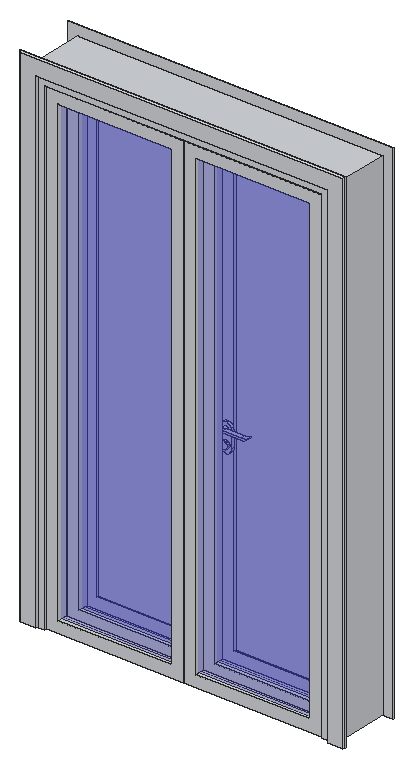
Revit family "Abertura da porta e vidraça com revestimento", category Portas, Revit 2019
Family settings
  Hospedeiro = Parede
  Número OmniClass = 23.30.10.00
  Título OmniClass = Doors
  Sempre na vertical = Sim
  Corte com vazios quando carregada = Não
  Compartilhado = Não
  Ponto de cálculo do ambiente = Não
Parameters (values of type "1300 x 2140mm")
  W1 = Espessura da moldura do painel + 6 mm  # 46 mm
  Visual Light Transmittance = 0
  Largura da apara = 70 mm
  Espessura da apara = 10 mm
  Material da apara = none
  Solar Heat Gain Coefficient = 0
  Rough Width = 1300 mm
  Rough Height = 2140 mm
  Material do painel = none
  Largura da moldura do painel = 50 mm
  Espessura da moldura do painel = 40 mm
  ID do tipo de construção = ""
  Coeficiente de transferência de calor (U) = 3.7021 W/(m²·K)
  Material do puxador = none
  Vidro = none
  Função = Exterior
  Height = Rough Height  # 2140 mm
  Fechamento da parede = Por hospedeiro
  Width = Rough Width  # 1300 mm
  Largura da estrutura = 50 mm
  Material da moldura = none
  Construção analítica = Metal
Types (5, lengths in mm): name | Rough Width | Material do painel | Width
  (no name) | 1300 | none | 1300
  1300 x 2140mm | 1300 | none | 1300
  1500 x 2140mm | 1500 | Veneziana | 1500
  1700 x 2140mm | 1700 | Veneziana | 1700
  1900 x 2140mm | 1900 | Veneziana | 1900
Reference planes
  plane 1: y = 0
  plane 2 "Centro (Esquerda/Direita)": x = 0
  plane 3 "Esquerda": x = -650
  plane 4 "Direita": x = 650
  plane 5: z = 2140
  plane 6 "Exterior": y = 125
  plane 7 "Interior": y = -125
  plane 8: z = 0
  plane 9: x = -600
  plane 10: x = 600
  plane 11: z = 2090
  plane 12: x = -580
  plane 13: x = 625
  plane 14: x = 695
  plane 15: x = -590
  plane 16: y = 79
  plane 17: y = -79
Forms (mm)
  Sweep 1, solid, material <- "Material da moldura", detail levels medium
    path origin (0, 0, 0) x (1, 0, 0) y (0, 0, 1)
      loop
        line (-650, 0) -> (-650, 2140) -> (650, 2140) -> (650, 0)
    profile origin (-650, 0, 1070) x (-1, 0, 0) y (0, -1, 0)
      loop
        line (0, -125) -> (0, 125) -> (-50, 125) -> (-50, -125) -> (0, -125)
  Sweep 2, solid, material <- "Material da moldura", detail levels fine
    path origin (0, 125, 0) x (1, 0, 0) y (0, 0, 1)
      loop
        line (-650, 0) -> (-650, 2140) -> (650, 2140) -> (650, 0)
    profile origin (-650, 125, 1070) x (-1, 0, 0) y (0, -1, 0)
      loop
        line (0, 250) -> (-60, 250) -> (-60, 204) -> (-70, 204) -> (-70, 46) -> (-60, 46) -> (-60, 0) -> (0, 0) -> (0, 250)
  Sweep 3, solid, material <- "Material da apara", detail levels fine
    path origin (0, -125, 0) x (1, 0, 0) y (0, 0, 1)
      loop
        line (650, 0) -> (650, 2140) -> (-650, 2140) -> (-650, 0)
    profile "Perfil da apara : Perfil da apara" origin (650, -125, 1070) x (-1, 0, 0) y (0, -1, 0)
      loop
        line (-43, 0) -> (27, 0) -> (27, 10) -> (-37, 10) -> (-43, 4) -> (-43, 0)
  Sweep 4, solid, material <- "Material da apara", detail levels fine
    path origin (0, 125, 0) x (1, 0, 0) y (0, 0, 1)
      loop
        line (650, 0) -> (650, 2140) -> (-650, 2140) -> (-650, 0)
    profile "Perfil da apara : Perfil da apara" origin (650, 125, 1070) x (-1, 0, 0) y (0, -1, 0)
      loop
        line (-43, 0) -> (-43, -4) -> (-37, -10) -> (27, -10) -> (27, 0) -> (-43, 0)
Lines and regions (mm)
  Opening 1
    outline origin (-3050, -125, 0) x (1, 0, 0) y (0, 0, 1)
      loop
        line (2400, 0) -> (3700, 0) -> (3700, 2140) -> (2400, 2140) -> (2400, 0)
Text (mm)
  text "Externo" at (-2295.016, 1099.543, 0), in view "Nível de referência"
  text "Externo" at (0, 1615.38, 3698.081), in view "Esquerda"
  text "Externo" at (0, 1036.032, 3874.932), in view "Direita"
Dimensions and locks
  equal spacing: plane 3 "Esquerda", plane 2 "Centro (Esquerda/Direita)", plane 4 "Direita"
  "Width": plane 3 "Esquerda" to plane 4 "Direita"
  "Height": plane 5 to host wall
  host wall to plane 5 = 2140 mm  (x2)
  locked: plane 6 "Exterior" to host wall at 0
  locked: plane 7 "Interior" to host wall
  "Largura da estrutura": plane 3 "Esquerda" to plane 9
  "Largura da estrutura": plane 10 to plane 4 "Direita"
  "Largura da estrutura": plane 11 to plane 5
  locked: plane 9 to plane 12 at 20
  locked: plane 13 to plane 4 "Direita" at 25
  "Largura da apara": plane 13 to plane 14
  locked: plane 15 to plane 12 at 10
  "W1": plane 7 "Interior" to plane 17
  "W1": plane 6 "Exterior" to plane 16
  aligned and locked: plane 3 "Esquerda" to Opening 1 sketch curve
  aligned and locked: plane 5 to Opening 1 sketch curve  (x2)
  aligned and locked: Opening 1 sketch curve to plane 4 "Direita"
  aligned and locked: Opening 1 sketch curve to level
  aligned and locked: plane 1 to host wall
  aligned and locked: level to plane 8
  aligned and locked: plane 2 "Centro (Esquerda/Direita)" to nested 1
  aligned and locked: nested 1 to plane 8
  aligned and locked: plane 7 "Interior" to nested 1
  aligned and locked: nested 2 to plane 2 "Centro (Esquerda/Direita)"
  aligned and locked: nested 2 to plane 7 "Interior"
  aligned and locked: nested 2 to plane 8
  aligned and locked: plane 2 "Centro (Esquerda/Direita)" to nested 3
  aligned and locked: plane 6 "Exterior" to nested 3
  aligned and locked: nested 3 to plane 8
  aligned and locked: plane 2 "Centro (Esquerda/Direita)" to nested 4
  aligned and locked: nested 4 to plane 6 "Exterior"
  aligned and locked: plane 8 to nested 4
  aligned and locked: Sweep 1 sketch curve to plane 3 "Esquerda"
  aligned and locked: plane 5 to Sweep 1 sketch curve
  aligned and locked: plane 4 "Direita" to Sweep 1 sketch curve
  aligned and locked: Sweep 1 sketch curve to nested 4
  aligned and locked: Sweep 1 sketch curve to host wall  (x2)
  aligned and locked: Sweep 1 sketch curve to plane 9
  aligned and locked: Sweep 2 sketch curve to plane 3 "Esquerda"
  aligned and locked: plane 5 to Sweep 2 sketch curve
  aligned and locked: plane 4 "Direita" to Sweep 2 sketch curve
  aligned and locked: plane 2 "Centro (Esquerda/Direita)" to nested 5
  aligned and locked: plane 1 to nested 5
  aligned and locked: nested 5 to plane 8
  aligned and locked: plane 2 "Centro (Esquerda/Direita)" to nested 6
  aligned and locked: nested 6 to plane 1
  aligned and locked: plane 8 to nested 6
  aligned and locked: plane 12 to Sweep 2 sketch curve
  aligned and locked: plane 15 to Sweep 2 sketch curve  (x2)
  aligned and locked: Sweep 2 sketch curve to plane 16
  aligned and locked: plane 17 to Sweep 2 sketch curve
  aligned and locked: Sweep 2 sketch curve to profile plane
  aligned and locked: plane 3 "Esquerda" to Sweep 2 sketch curve
  aligned and locked: plane 7 "Interior" to Sweep 2 sketch curve
  aligned and locked: plane 8 to Sweep 3 sketch curve  (x2)
  aligned and locked: plane 4 "Direita" to Sweep 3 sketch curve
  aligned and locked: Sweep 3 sketch curve to plane 3 "Esquerda"
  aligned and locked: plane 4 "Direita" to Sweep 4 sketch curve
  aligned and locked: Sweep 4 sketch curve to plane 3 "Esquerda"
  aligned and locked: plane 8 to Sweep 4 sketch curve  (x2)
  aligned and locked: plane 5 to Sweep 3 sketch curve
  aligned and locked: plane 5 to Sweep 4 sketch curve
Automatic sketch dimensions
  Sweep 1 sketch curve to level = 0 mm  (x2)
  Sweep 2 sketch curve to level = 0 mm  (x2)
Nested families
  nested 1: "Painel_Vidro int" at (0, -125, 0), type "Painel_Vidro int"
    with Width 1300 mm, Meia largura 650 mm
  nested 2: "Painel_Vidro int" at (0, -125, 0) x (-1, 0, 0) z (0, 0, 1), type "Painel_Vidro int"
    with Width 1300 mm, Meia largura 650 mm
  nested 3: "Veneziana_Painel" at (0, 125, 0), type "Veneziana_Painel"
  nested 4: "Veneziana_Painel" at (0, 125, 0) x (-1, 0, 0) z (0, 0, 1), type "Veneziana_Painel"
    with Visibilidade do puxador no
  nested 5: "Painel_Vidro meio" at (0, 0, 0), type "Painel_Vidro meio"
    with Width 1300 mm, Meia largura 650 mm
  nested 6: "Painel_Vidro meio" at (0, 0, 0) x (-1, 0, 0) z (0, 0, 1), type "Painel_Vidro meio"
    with Width 1300 mm, Meia largura 650 mm
Definition of nested family "Painel_Vidro int"
  Parameters
    Width = 1500 mm
    W1 = Largura da estrutura + 13 mm  # 63 mm
    Largura da moldura do painel = 50 mm
    Espessura da moldura do painel = 40 mm
    Height = 2140 mm
    Meia largura = 0.5 * Width  # 750 mm
    Vidro = none
    Largura da estrutura = 50 mm
    Material da moldura = none
  Reference planes
    plane 1 "Centro (Frente/Trás)": y = 0
    plane 2: z = 0
    plane 3 "Centro (Esquerda/Direita)": x = 0
    plane 4: x = 750
    plane 5: y = -40
    plane 6: x = 50
    plane 7: x = 700
    plane 8: x = 650
    plane 9: z = 2140
    plane 10: z = 2090
    plane 11: z = 2040
    plane 12: z = 50
    plane 13: y = -20
    plane 14: x = 700
    plane 15: z = 2090
    plane 16: x = 687
    plane 17: x = 637
    plane 18: y = -3
    plane 19: y = -43
    plane 20: y = -23
    plane 21: z = 2077
    plane 22: z = 2027
    plane 23: z = 3
    plane 24: z = 53
    plane 25: y = 750
    plane 26: y = 700
    plane 27: y = 50
    plane 28: x = 710
    plane 29: x = 730
    plane 30: x = 660
    plane 31: x = 680
    plane 32: y = 700
    plane 33: y = 650
    plane 34: x = 647
    plane 35: y = 687
    plane 36: y = 637
    plane 37: x = 667
    plane 38: x = 660
    plane 39: x = 674
    plane 40: z = 1070
    plane 41: z = 1045
    plane 42: z = 1040
    plane 43: x = 673
    plane 44: x = 687
    plane 45: x = 680
  Forms (mm)
    Sweep 1, solid, material <- "Material da moldura", detail levels medium
      path origin (0, 0, 0) x (1, 0, 0) y (0, 0, 1)
        loop
          line (0, 2090) -> (0, 0) -> (700, 0) -> (700, 2090) -> (0, 2090)
      profile origin (350, 0, 2090) x (0, 0, 1) y (0, -1, 0)
        loop
          line (0, 0) -> (0, 40) -> (-50, 40) -> (-50, 0) -> (0, 0)
    Extrusion 2, solid, material <- "Vidro", detail levels medium
      sketch origin (-56.656, -20, 1200) x (-1, 0, 0) y (0, 0, 1)
        loop
          line (-106.656, 840) -> (-706.656, 840) -> (-706.656, -1150) -> (-106.656, -1150) -> (-106.656, 840)
      from -7 to 7
    Sweep 3, solid, material <- "Material da moldura", detail levels coarse
      path origin (0, 0, 0) x (1, 0, 0) y (0, 0, 1)
        loop
          line (0, 2140) -> (0, 0) -> (750, 0) -> (750, 2140) -> (0, 2140)
      profile origin (375, 0, 2140) x (0, 0, 1) y (0, -1, 0)
        loop
          line (0, 40) -> (-50, 40) -> (-50, 0) -> (0, 0) -> (0, 40)
    Extrusion 4, solid, material <- "Vidro", detail levels coarse
      sketch origin (-56.656, -20, 1200) x (-1, 0, 0) y (0, 0, 1)
        loop
          line (-106.656, 890) -> (-756.656, 890) -> (-756.656, -1150) -> (-106.656, -1150) -> (-106.656, 890)
      from -7 to 7
    Sweep 5, solid, material <- "Material da moldura", detail levels fine
      path origin (0, 0, 0) x (1, 0, 0) y (0, 0, 1)
        loop
          line (0, 2077) -> (0, 3) -> (687, 3) -> (687, 2077) -> (0, 2077)
      profile origin (343.5, 0, 2077) x (0, 0, 1) y (0, -1, 0)
        loop
          line (0, 43) -> (-50, 43) -> (-50, 3) -> (0, 3) -> (0, 43)
    Extrusion 6, solid, material <- "Vidro", detail levels fine
      sketch origin (-56.656, -23, 1200) x (-1, 0, 0) y (0, 0, 1)
        loop
          line (-106.656, 827) -> (-693.656, 827) -> (-693.656, -1147) -> (-106.656, -1147) -> (-106.656, 827)
      from -7 to 7
  Lines and regions (mm)
    Masking region 1, detail levels coarse
      outline origin (0, 0, 0) x (1, 0, 0) y (0, 1, 0)
        loop
          line (710, 750) -> (710, 0) -> (750, 0) -> (750, 750) -> (710, 750)
    Masking region 2, detail levels medium
      outline origin (0, 0, 0) x (1, 0, 0) y (0, 1, 0)
        loop
          line (700, 700) -> (660, 700) -> (660, 0) -> (700, 0) -> (700, 700)
    Masking region 3, detail levels fine
      outline origin (0, 0, 0) x (1, 0, 0) y (0, 1, 0)
        loop
          line (647, 687) -> (647, 0) -> (687, 0) -> (687, 687) -> (647, 687)
    symbolic lines, detail levels coarse
      curve 1: line (710, 750, 0) -> (750, 750, 0)
      curve 2: line (710, 700, 0) -> (710, 750, 0)
      curve 3: line (750, 700, 0) -> (710, 700, 0)
      curve 4: line (750, 750, 0) -> (750, 700, 0)
      curve 5: line (710, 50, 0) -> (750, 50, 0)
      curve 6: line (710, 0, 0) -> (710, 50, 0)
      curve 7: line (750, 0, 0) -> (710, 0, 0)
      curve 8: line (750, 50, 0) -> (750, 0, 0)
      curve 9: line (710, 700, 0) -> (710, 50, 0)
      curve 10: line (750, 50, 0) -> (750, 700, 0)
      curve 11: arc (750, 750, 0) -> (219.67, 530.33, 0) -> (0, 0, 0) r 750
      curve 12: line (0, -20, 2090) -> (0, -20, 50)
      curve 37: line (750, 0, 2140) -> (0, 0, 1070)
      curve 38: line (0, 0, 1070) -> (750, 0, 0)
    symbolic lines, detail levels medium
      curve 13: line (660, 50, 0) -> (700, 50, 0)
      curve 14: line (660, 0, 0) -> (660, 50, 0)
      curve 15: line (700, 0, 0) -> (660, 0, 0)
      curve 16: line (700, 50, 0) -> (700, 0, 0)
      curve 17: line (660, 700, 0) -> (700, 700, 0)
      curve 18: line (660, 650, 0) -> (660, 700, 0)
      curve 19: line (700, 650, 0) -> (660, 650, 0)
      curve 20: line (700, 700, 0) -> (700, 650, 0)
      curve 21: line (660, 650, 0) -> (660, 50, 0)
      curve 22: line (700, 50, 0) -> (700, 650, 0)
      curve 23: arc (0, 0, 0) -> (205.025, 494.975, 0) -> (700, 700, 0) r 700
      curve 39: line (700, 0, 2090) -> (0, 0, 1045)
      curve 40: line (0, 0, 1045) -> (700, 0, 0)
      curve 43: line (680, 650, 0) -> (680, 50, 0)
    symbolic lines, detail levels fine
      curve 24: line (647, 687, 0) -> (687, 687, 0)
      curve 25: line (647, 637, 0) -> (647, 687, 0)
      curve 26: line (687, 637, 0) -> (647, 637, 0)
      curve 27: line (687, 687, 0) -> (687, 637, 0)
      curve 28: line (647, 50, 0) -> (687, 50, 0)
      curve 29: line (647, 0, 0) -> (647, 50, 0)
      curve 30: line (687, 0, 0) -> (647, 0, 0)
      curve 31: line (687, 50, 0) -> (687, 0, 0)
      curve 32: line (647, 637, 0) -> (647, 50, 0)
      curve 33: line (687, 50, 0) -> (687, 637, 0)
      curve 34: arc (687, 687, 0) -> (201.218, 485.782, 0) -> (0, 0, 0) r 687
      curve 35: line (660, 637, 0) -> (660, 50, 0)
      curve 36: line (674, 50, 0) -> (674, 637, 0)
      curve 41: line (687, 0, 2077) -> (0, 0, 1040)
      curve 42: line (0, 0, 1040) -> (687, 0, 3)
  Dimensions and locks
    "Meia largura": plane 3 "Centro (Esquerda/Direita)" to plane 4
    "Largura da moldura do painel": plane 3 "Centro (Esquerda/Direita)" to plane 6
    "Espessura da moldura do painel": plane 5 to plane 1 "Centro (Frente/Trás)"
    "Largura da estrutura": plane 7 to plane 4
    "Largura da moldura do painel": plane 8 to plane 7
    "Height": plane 9 to plane 2
    "Largura da estrutura": plane 9 to plane 10
    "Largura da moldura do painel": plane 10 to plane 11
    "Largura da moldura do painel": plane 12 to plane 2
    equal spacing: plane 5, plane 13, plane 1 "Centro (Frente/Trás)"
    "Largura da moldura do painel": plane 14 to plane 4
    "Largura da moldura do painel": plane 9 to plane 15
    "W1": plane 16 to plane 4
    "Largura da moldura do painel": plane 17 to plane 16
    plane 18 to plane 1 "Centro (Frente/Trás)" = 3 mm
    "Espessura da moldura do painel": plane 18 to plane 19
    equal spacing: plane 18, plane 20, plane 19
    "W1": plane 9 to plane 21
    "Largura da moldura do painel": plane 21 to plane 22
    locked: plane 23 to plane 2 at 3
    "Largura da moldura do painel": plane 24 to plane 23
    "Meia largura": plane 25 to plane 1 "Centro (Frente/Trás)"
    "Largura da moldura do painel": plane 25 to plane 26
    "Largura da moldura do painel": plane 27 to plane 1 "Centro (Frente/Trás)"
    "Espessura da moldura do painel": plane 28 to plane 4
    equal spacing: plane 28, plane 29, plane 4
    "Espessura da moldura do painel": plane 30 to plane 7
    equal spacing: plane 30, plane 31, plane 7
    "Largura da estrutura": plane 25 to plane 32
    "Largura da moldura do painel": plane 32 to plane 33
    "Espessura da moldura do painel": plane 34 to plane 16
    "W1": plane 25 to plane 35
    "Largura da moldura do painel": plane 35 to plane 36
    equal spacing: plane 34, plane 37, plane 16
    locked: plane 38 to plane 37 at 7
    locked: plane 37 to plane 39 at 7
    equal spacing: plane 2, plane 40, plane 9
    equal spacing: plane 2, plane 41, plane 10
    equal spacing: plane 23, plane 42, plane 21
    locked: plane 43 to plane 31 at 7
    locked: plane 31 to plane 44 at 7
    equal spacing: plane 38, plane 45, plane 7
    aligned and locked: level to plane 2
    aligned and locked: Sweep 1 sketch curve to plane 10
    aligned and locked: plane 3 "Centro (Esquerda/Direita)" to Sweep 1 sketch curve
    aligned and locked: plane 2 to Sweep 1 sketch curve
    aligned and locked: Sweep 1 sketch curve to plane 7
    aligned and locked: Sweep 1 sketch curve to profile plane  (x2)
    aligned and locked: Sweep 1 sketch curve to plane 11
    aligned and locked: Sweep 1 sketch curve to plane 5
    aligned and locked: Extrusion 2 sketch curve to Sweep 1  (x4)
    aligned and locked: Sweep 3 sketch curve to plane 9
    aligned and locked: plane 3 "Centro (Esquerda/Direita)" to Sweep 3 sketch curve
    aligned and locked: plane 2 to Sweep 3 sketch curve
    aligned and locked: Sweep 3 sketch curve to plane 4
    aligned and locked: profile plane to Sweep 3 sketch curve  (x2)
    aligned and locked: plane 5 to Sweep 3 sketch curve
    aligned and locked: plane 15 to Sweep 3 sketch curve
    aligned and locked: Extrusion 4 sketch curve to Sweep 3  (x3)
    aligned and locked: Sweep 5 sketch curve to plane 21
    aligned and locked: plane 3 "Centro (Esquerda/Direita)" to Sweep 5 sketch curve
    aligned and locked: plane 23 to Sweep 5 sketch curve
    aligned and locked: Sweep 5 sketch curve to plane 16
    aligned and locked: profile plane to Sweep 5 sketch curve
    aligned and locked: plane 19 to Sweep 5 sketch curve
    aligned and locked: plane 22 to Sweep 5 sketch curve
    aligned and locked: Sweep 5 sketch curve to plane 18
    aligned and locked: Extrusion 6 sketch curve to Sweep 5  (x4)
    aligned and locked: Masking region 1 sketch curve to plane 25
    aligned and locked: Masking region 1 sketch curve to plane 28
    aligned and locked: Masking region 1 sketch curve to Sweep 3  (x2)
    aligned and locked: curve 1 to plane 25
    aligned and locked: curve 2 to plane 28
    aligned and locked: plane 26 to curve 3
    aligned and locked: curve 4 to plane 4
    aligned and locked: curve 5 to plane 27
    aligned and locked: curve 6 to plane 28
    aligned and locked: curve 7 to Sweep 3
    aligned and locked: plane 4 to curve 10
    aligned and locked: plane 1 "Centro (Frente/Trás)" to curve 11
    aligned and locked: plane 4 to curve 11
    aligned and locked: curve 12 to plane 13
    aligned and locked: plane 7 to Masking region 2 sketch curve
    aligned and locked: plane 1 "Centro (Frente/Trás)" to Masking region 2 sketch curve
    aligned and locked: Masking region 2 sketch curve to plane 30
    aligned and locked: curve 13 to plane 27
    aligned and locked: plane 30 to curve 14
    aligned and locked: curve 15 to Sweep 1
    aligned and locked: plane 32 to Masking region 2 sketch curve
    aligned and locked: curve 17 to plane 32
    aligned and locked: plane 30 to curve 18
    aligned and locked: plane 33 to curve 19
    aligned and locked: curve 20 to plane 7
    aligned and locked: plane 7 to curve 22
    aligned and locked: plane 7 to curve 23
    aligned and locked: Masking region 3 sketch curve to plane 35
    aligned and locked: plane 34 to Masking region 3 sketch curve
    aligned and locked: Masking region 3 sketch curve to plane 1 "Centro (Frente/Trás)"
    aligned and locked: Masking region 3 sketch curve to plane 16
    aligned and locked: curve 24 to plane 35
    aligned and locked: plane 34 to curve 25
    aligned and locked: plane 36 to curve 26
    aligned and locked: curve 27 to plane 16
    aligned and locked: curve 28 to plane 27
    aligned and locked: plane 34 to curve 29
    aligned and locked: curve 30 to plane 1 "Centro (Frente/Trás)"
    aligned and locked: plane 16 to curve 33
    aligned and locked: plane 1 "Centro (Frente/Trás)" to curve 34
    aligned and locked: plane 16 to curve 34
    aligned and locked: curve 35 to plane 38
    aligned and locked: curve 36 to plane 39
    aligned and locked: plane 2 to curve 38
    aligned and locked: plane 4 to curve 38
    aligned and locked: plane 40 to curve 38
    aligned and locked: plane 3 "Centro (Esquerda/Direita)" to curve 38
    aligned and locked: plane 9 to curve 37
    aligned and locked: plane 4 to curve 37
    aligned and locked: plane 2 to curve 40
    aligned and locked: plane 7 to curve 40
    aligned and locked: plane 41 to curve 40
    aligned and locked: plane 3 "Centro (Esquerda/Direita)" to curve 40
    aligned and locked: plane 10 to curve 39
    aligned and locked: plane 7 to curve 39
    aligned and locked: plane 23 to curve 42
    aligned and locked: plane 16 to curve 42
    aligned and locked: plane 42 to curve 42
    aligned and locked: plane 3 "Centro (Esquerda/Direita)" to curve 42
    aligned and locked: plane 21 to curve 41
    aligned and locked: plane 16 to curve 41
    aligned and locked: curve 43 to plane 31
  Automatic sketch dimensions
    Extrusion 4 sketch curve to plane 12 = 0 mm
    curve 12 to plane 10 = 0 mm
    curve 12 to plane 12 = 0 mm
Definition of nested family "Veneziana_Painel"
  Parameters
    Width = 1300 mm
    W1 = Largura da estrutura + 13 mm  # 63 mm
    Largura da moldura do painel = 50 mm
    Espessura da moldura do painel = 40 mm
    Height = 2140 mm
    Visibilidade do puxador [instance] = yes
    Material do puxador = none
    Meia largura = 0.5 * Width  # 650 mm
    Material do painel = none
    Largura da estrutura = 50 mm
    Material da moldura = none
  Reference planes
    plane 1 "Centro (Frente/Trás)": y = 0
    plane 2: z = 0
    plane 3 "Centro (Esquerda/Direita)": x = 0
    plane 4: x = 650
    plane 5: y = -40
    plane 6: x = 50
    plane 7: x = 600
    plane 8: x = 550
    plane 9: z = 2140
    plane 10: z = 2090
    plane 11: z = 2040
    plane 12: z = 50
    plane 13: x = 600
    plane 14: z = 2090
    plane 15: x = 587
    plane 16: x = 537
    plane 17: y = -3
    plane 18: y = -43
    plane 19: z = 2077
    plane 20: z = 2027
    plane 21: z = 3
    plane 22: z = 53
    plane 23: y = 650
    plane 24: y = 600
    plane 25: y = 50
    plane 26: x = 610
    plane 27: x = 560
    plane 28: y = 600
    plane 29: y = 550
    plane 30: x = 547
    plane 31: y = 587
    plane 32: y = 537
    plane 33: x = 567
    plane 34: x = 555
    plane 35: x = 579
    plane 36: y = -8
    plane 37: y = -32
    plane 38: y = -11
    plane 39: y = -35
    plane 40: x = 618
    plane 41: x = 642
    plane 42: x = 568
    plane 43: x = 592
    plane 44: z = 1070
    plane 45: z = 1045
    plane 46: z = 1040
    plane 47: x = 25
    plane 48: y = -23
    plane 49: z = 900
  Forms (mm)
    Sweep 1, solid, material <- "Material da moldura", detail levels medium
      path origin (0, 0, 0) x (1, 0, 0) y (0, 0, 1)
        loop
          line (0, 2090) -> (0, 0) -> (600, 0) -> (600, 2090) -> (0, 2090)
      profile origin (300, 0, 2090) x (0, 0, 1) y (0, -1, 0)
        loop
          line (0, 0) -> (0, 40) -> (-50, 40) -> (-50, 0) -> (0, 0)
    Extrusion 2, solid, material <- "Material do painel", detail levels medium
      sketch origin (-56.656, -20, 1200) x (-1, 0, 0) y (0, 0, 1)
        loop
          line (-106.656, 840) -> (-606.656, 840) -> (-606.656, -1150) -> (-106.656, -1150) -> (-106.656, 840)
      from -12 to 12
    Sweep 3, solid, material <- "Material da moldura", detail levels coarse
      path origin (0, 0, 0) x (1, 0, 0) y (0, 0, 1)
        loop
          line (0, 2140) -> (0, 0) -> (650, 0) -> (650, 2140) -> (0, 2140)
      profile origin (325, 0, 2140) x (0, 0, 1) y (0, -1, 0)
        loop
          line (0, 40) -> (-50, 40) -> (-50, 0) -> (0, 0) -> (0, 40)
    Extrusion 4, solid, material <- "Material do painel", detail levels coarse
      sketch origin (-56.656, -20, 1200) x (-1, 0, 0) y (0, 0, 1)
        loop
          line (-106.656, 890) -> (-656.656, 890) -> (-656.656, -1150) -> (-106.656, -1150) -> (-106.656, 890)
      from -12 to 12
    Sweep 5, solid, material <- "Material da moldura", detail levels fine
      path origin (0, 0, 0) x (1, 0, 0) y (0, 0, 1)
        loop
          line (0, 2077) -> (0, 3) -> (587, 3) -> (587, 2077) -> (0, 2077)
      profile origin (293.5, 0, 2077) x (0, 0, 1) y (0, -1, 0)
        loop
          line (0, 43) -> (-50, 43) -> (-50, 3) -> (0, 3) -> (0, 43)
    Extrusion 6, solid, material <- "Material do painel", detail levels fine
      sketch origin (-56.656, -23, 1200) x (-1, 0, 0) y (0, 0, 1)
        loop
          line (-106.656, 827) -> (-593.656, 827) -> (-593.656, -1147) -> (-106.656, -1147) -> (-106.656, 827)
      from -12 to 12
  Lines and regions (mm)
    Masking region 1, detail levels coarse
      outline origin (0, 0, 0) x (1, 0, 0) y (0, 1, 0)
        loop
          line (610, 650) -> (610, 0) -> (650, 0) -> (650, 650) -> (610, 650)
    Masking region 2, detail levels medium
      outline origin (0, 0, 0) x (1, 0, 0) y (0, 1, 0)
        loop
          line (600, 600) -> (560, 600) -> (560, 0) -> (600, 0) -> (600, 600)
    Masking region 3, detail levels fine
      outline origin (0, 0, 0) x (1, 0, 0) y (0, 1, 0)
        loop
          line (547, 587) -> (547, 0) -> (587, 0) -> (587, 587) -> (547, 587)
    symbolic lines, detail levels coarse
      curve 1: line (610, 650, 0) -> (650, 650, 0)
      curve 2: line (610, 600, 0) -> (610, 650, 0)
      curve 3: line (650, 600, 0) -> (610, 600, 0)
      curve 4: line (650, 650, 0) -> (650, 600, 0)
      curve 5: line (610, 50, 0) -> (650, 50, 0)
      curve 6: line (610, 0, 0) -> (610, 50, 0)
      curve 7: line (650, 0, 0) -> (610, 0, 0)
      curve 8: line (650, 50, 0) -> (650, 0, 0)
      curve 9: line (610, 600, 0) -> (610, 50, 0)
      curve 10: line (650, 50, 0) -> (650, 600, 0)
      curve 11: arc (650, 650, 0) -> (190.381, 459.619, 0) -> (0, 0, 0) r 650
      curve 38: line (650, 0, 2140) -> (0, 0, 1070)
      curve 39: line (0, 0, 1070) -> (650, 0, 0)
    symbolic lines, detail levels medium
      curve 12: line (560, 50, 0) -> (600, 50, 0)
      curve 13: line (560, 0, 0) -> (560, 50, 0)
      curve 14: line (600, 0, 0) -> (560, 0, 0)
      curve 15: line (600, 50, 0) -> (600, 0, 0)
      curve 16: line (560, 600, 0) -> (600, 600, 0)
      curve 17: line (560, 550, 0) -> (560, 600, 0)
      curve 18: line (600, 550, 0) -> (560, 550, 0)
      curve 19: line (600, 600, 0) -> (600, 550, 0)
      curve 20: line (560, 550, 0) -> (560, 50, 0)
      curve 21: line (600, 50, 0) -> (600, 550, 0)
      curve 22: arc (0, 0, 0) -> (175.736, 424.264, 0) -> (600, 600, 0) r 600
      curve 36: line (568, 550, 0) -> (568, 50, 0)
      curve 37: line (592, 550, 0) -> (592, 50, 0)
      curve 40: line (600, 0, 2090) -> (0, 0, 1045)
      curve 41: line (0, 0, 1045) -> (600, 0, 0)
    symbolic lines, detail levels fine
      curve 23: line (547, 587, 0) -> (587, 587, 0)
      curve 24: line (547, 537, 0) -> (547, 587, 0)
      curve 25: line (587, 537, 0) -> (547, 537, 0)
      curve 26: line (587, 587, 0) -> (587, 537, 0)
      curve 27: line (547, 50, 0) -> (587, 50, 0)
      curve 28: line (547, 0, 0) -> (547, 50, 0)
      curve 29: line (587, 0, 0) -> (547, 0, 0)
      curve 30: line (587, 50, 0) -> (587, 0, 0)
      curve 31: line (547, 537, 0) -> (547, 50, 0)
      curve 32: line (587, 50, 0) -> (587, 537, 0)
      curve 33: arc (587, 587, 0) -> (171.928, 415.072, 0) -> (0, 0, 0) r 587
      curve 34: line (555, 537, 0) -> (555, 50, 0)
      curve 35: line (579, 50, 0) -> (579, 537, 0)
      curve 42: line (587, 0, 2077) -> (0, 0, 1040)
      curve 43: line (0, 0, 1040) -> (587, 0, 3)
  Dimensions and locks
    "Meia largura": plane 3 "Centro (Esquerda/Direita)" to plane 4
    "Largura da moldura do painel": plane 3 "Centro (Esquerda/Direita)" to plane 6
    "Espessura da moldura do painel": plane 5 to plane 1 "Centro (Frente/Trás)"
    "Largura da estrutura": plane 7 to plane 4
    "Largura da moldura do painel": plane 8 to plane 7
    "Height": plane 9 to plane 2
    "Largura da estrutura": plane 9 to plane 10
    "Largura da moldura do painel": plane 10 to plane 11
    "Largura da moldura do painel": plane 12 to plane 2
    "Largura da moldura do painel": plane 13 to plane 4
    "Largura da moldura do painel": plane 9 to plane 14
    "W1": plane 15 to plane 4
    "Largura da moldura do painel": plane 16 to plane 15
    plane 17 to plane 1 "Centro (Frente/Trás)" = 3 mm
    "Espessura da moldura do painel": plane 17 to plane 18
    "W1": plane 9 to plane 19
    "Largura da moldura do painel": plane 19 to plane 20
    locked: plane 21 to plane 2 at 3
    "Largura da moldura do painel": plane 22 to plane 21
    "Meia largura": plane 23 to plane 1 "Centro (Frente/Trás)"
    "Largura da moldura do painel": plane 23 to plane 24
    "Largura da moldura do painel": plane 25 to plane 1 "Centro (Frente/Trás)"
    "Espessura da moldura do painel": plane 26 to plane 4
    "Espessura da moldura do painel": plane 27 to plane 7
    "Largura da estrutura": plane 23 to plane 28
    "Largura da moldura do painel": plane 28 to plane 29
    "Espessura da moldura do painel": plane 30 to plane 15
    "W1": plane 23 to plane 31
    "Largura da moldura do painel": plane 31 to plane 32
    equal spacing: plane 30, plane 33, plane 15
    locked: plane 37 to plane 5 at 8
    locked: plane 36 to plane 1 "Centro (Frente/Trás)" at 8
    locked: plane 17 to plane 38 at 8
    locked: plane 39 to plane 18 at 8
    locked: plane 26 to plane 40 at 8
    locked: plane 41 to plane 4 at 8
    locked: plane 30 to plane 34 at 8
    locked: plane 35 to plane 15 at 8
    locked: plane 27 to plane 42 at 8
    locked: plane 43 to plane 7 at 8
    equal spacing: plane 2, plane 44, plane 9
    equal spacing: plane 2, plane 45, plane 10
    equal spacing: plane 21, plane 46, plane 19
    equal spacing: plane 3 "Centro (Esquerda/Direita)", plane 47, plane 6
    equal spacing: plane 17, plane 48, plane 18
    locked: plane 49 to plane 2 at 900
    aligned and locked: level to plane 2
    aligned and locked: Sweep 1 sketch curve to plane 10
    aligned and locked: plane 3 "Centro (Esquerda/Direita)" to Sweep 1 sketch curve
    aligned and locked: plane 2 to Sweep 1 sketch curve
    aligned and locked: Sweep 1 sketch curve to plane 7
    aligned and locked: Sweep 1 sketch curve to profile plane  (x2)
    aligned and locked: Sweep 1 sketch curve to plane 11
    aligned and locked: Sweep 1 sketch curve to plane 5
    aligned and locked: Extrusion 2 sketch curve to Sweep 1  (x4)
    aligned and locked: Sweep 3 sketch curve to plane 9
    aligned and locked: plane 3 "Centro (Esquerda/Direita)" to Sweep 3 sketch curve
    aligned and locked: plane 2 to Sweep 3 sketch curve
    aligned and locked: Sweep 3 sketch curve to plane 4
    aligned and locked: profile plane to Sweep 3 sketch curve  (x2)
    aligned and locked: plane 5 to Sweep 3 sketch curve
    aligned and locked: plane 14 to Sweep 3 sketch curve
    aligned and locked: Extrusion 4 sketch curve to Sweep 3  (x3)
    aligned and locked: Sweep 5 sketch curve to plane 19
    aligned and locked: plane 3 "Centro (Esquerda/Direita)" to Sweep 5 sketch curve
    aligned and locked: plane 21 to Sweep 5 sketch curve
    aligned and locked: Sweep 5 sketch curve to plane 15
    aligned and locked: profile plane to Sweep 5 sketch curve
    aligned and locked: plane 18 to Sweep 5 sketch curve
    aligned and locked: plane 20 to Sweep 5 sketch curve
    aligned and locked: Sweep 5 sketch curve to plane 17
    aligned and locked: Extrusion 6 sketch curve to Sweep 5  (x4)
    aligned and locked: Masking region 1 sketch curve to plane 23
    aligned and locked: Masking region 1 sketch curve to plane 26
    aligned and locked: Masking region 1 sketch curve to Sweep 3  (x2)
    aligned and locked: curve 1 to plane 23
    aligned and locked: curve 2 to plane 26
    aligned and locked: plane 24 to curve 3
    aligned and locked: curve 4 to plane 4
    aligned and locked: curve 5 to plane 25
    aligned and locked: curve 6 to plane 26
    aligned and locked: curve 7 to Sweep 3
    aligned and locked: plane 4 to curve 10
    aligned and locked: plane 1 "Centro (Frente/Trás)" to curve 11
    aligned and locked: plane 4 to curve 11
    aligned and locked: plane 7 to Masking region 2 sketch curve
    aligned and locked: plane 1 "Centro (Frente/Trás)" to Masking region 2 sketch curve
    aligned and locked: Masking region 2 sketch curve to plane 27
    aligned and locked: curve 12 to plane 25
    aligned and locked: plane 27 to curve 13
    aligned and locked: curve 14 to Sweep 1
    aligned and locked: plane 28 to Masking region 2 sketch curve
    aligned and locked: curve 16 to plane 28
    aligned and locked: plane 27 to curve 17
    aligned and locked: plane 29 to curve 18
    aligned and locked: curve 19 to plane 7
    aligned and locked: plane 7 to curve 21
    aligned and locked: plane 7 to curve 22
    aligned and locked: Masking region 3 sketch curve to plane 31
    aligned and locked: plane 30 to Masking region 3 sketch curve
    aligned and locked: Masking region 3 sketch curve to plane 1 "Centro (Frente/Trás)"
    aligned and locked: Masking region 3 sketch curve to plane 15
    aligned and locked: curve 23 to plane 31
    aligned and locked: plane 30 to curve 24
    aligned and locked: plane 32 to curve 25
    aligned and locked: curve 26 to plane 15
    aligned and locked: curve 27 to plane 25
    aligned and locked: plane 30 to curve 28
    aligned and locked: curve 29 to plane 1 "Centro (Frente/Trás)"
    aligned and locked: plane 15 to curve 32
    aligned and locked: plane 1 "Centro (Frente/Trás)" to curve 33
    aligned and locked: plane 15 to curve 33
    aligned and locked: curve 34 to plane 34
    aligned and locked: curve 35 to plane 35
    aligned and locked: Extrusion 4 to plane 36
    aligned and locked: Extrusion 4 to plane 37
    aligned and locked: Extrusion 2 to plane 36
    aligned and locked: Extrusion 2 to plane 37
    aligned and locked: Extrusion 6 to plane 39
    aligned and locked: plane 38 to Extrusion 6
    aligned and locked: curve 36 to plane 42
    aligned and locked: plane 43 to curve 37
    aligned and locked: plane 2 to curve 39
    aligned and locked: plane 4 to curve 39
    aligned and locked: plane 44 to curve 39
    aligned and locked: plane 3 "Centro (Esquerda/Direita)" to curve 39
    aligned and locked: plane 9 to curve 38
    aligned and locked: plane 4 to curve 38
    aligned and locked: plane 2 to curve 41
    aligned and locked: plane 7 to curve 41
    aligned and locked: plane 45 to curve 41
    aligned and locked: plane 3 "Centro (Esquerda/Direita)" to curve 41
    aligned and locked: plane 10 to curve 40
    aligned and locked: plane 7 to curve 40
    aligned and locked: plane 21 to curve 43
    aligned and locked: plane 15 to curve 43
    aligned and locked: plane 46 to curve 43
    aligned and locked: plane 3 "Centro (Esquerda/Direita)" to curve 43
    aligned and locked: plane 19 to curve 42
    aligned and locked: plane 15 to curve 42
    aligned and locked: plane 47 to nested 1
    aligned and locked: nested 1 to plane 48
    aligned and locked: plane 49 to nested 1
  Automatic sketch dimensions
    Extrusion 4 sketch curve to plane 12 = 0 mm
  Nested families
    nested 1: "Maçaneta da porta 2" at (25, -23, 900), visible <- "Visibilidade do puxador", type "Maçaneta da porta 2", detail levels fine
      with Espessura do painel 40 mm
  Definition of nested family "Maçaneta da porta 2"
    Parameters
      Espessura do painel = 50 mm
      Material do puxador = none
      Function = (empty or 0)
    Reference planes
      plane 1 "Centro (Frente/Trás)": y = 0
      plane 2: z = 0
      plane 3 "Centro (Esquerda/Direita)": x = 0
      plane 4: y = 25
      plane 5: y = -25
      plane 6: z = -147.114
      plane 7: y = 65
      plane 8: z = -60
      plane 9: y = -65
      plane 10: z = -60
    Forms (mm)
      Extrusion 1, solid, material <- "Material do puxador"
        sketch origin (0, -25, 0) x (-1, 0, 0) y (0, 0, -1)
          loop
            line (25, 0) -> (25, 70)
            arc (25, 70) -> (0, 95) -> (-25, 70) r 25
            line (-25, 70) -> (-25, 0)
            arc (-25, 0) -> (0, -25) -> (25, 0) r 25
        from 0 to 10
      Extrusion 2, solid, material <- "Material do puxador"
        sketch origin (0, 25, 0) x (-1, 0, 0) y (0, 0, -1)
          loop
            line (25, 0) -> (25, 70)
            arc (25, 70) -> (0, 95) -> (-25, 70) r 25
            line (-25, 70) -> (-25, 0)
            arc (-25, 0) -> (0, -25) -> (25, 0) r 25
        from 0 to -10
      Extrusion 3, solid, material <- "Material do puxador"
        sketch origin (0, -25, 0) x (-1, 0, 0) y (0, 0, -1)
          loop
            circle (0, 0) r 8
        from 10 to 40
      Extrusion 4, solid, material <- "Material do puxador"
        sketch origin (0, 20, 0) x (-1, 0, 0) y (0, 0, 1)
          loop
            circle (0, 0) r 8
        from 15 to 45
      Extrusion 5, solid, material <- "Material do puxador"
        sketch origin (0, -65, 0) x (1, 0, 0) y (0, 0, 1)
          loop
            arc (-6.508, 4.652) -> (-2.443, -7.618) -> (8, 0) r 8
            arc (8, 0) -> (14.532, 9.391) -> (25.386, 13) r 18.126
            line (25.386, 13) -> (101.644, 13)
            arc (101.644, 13) -> (116.41, 15.798) -> (130, 22.214) r 59.379
            line (130, 22.214) -> (130, 25)
            arc (130, 25) -> (116.04, 21.265) -> (101.644, 20) r 83.285
            line (101.644, 20) -> (25.367, 20)
            arc (25.367, 20) -> (7.493, 16.348) -> (-6.508, 4.652) r 37.283
        from 0 to 20
      Extrusion 6, solid, material <- "Material do puxador"
        sketch origin (0, 65, 0) x (1, 0, 0) y (0, 0, -1)
          loop
            arc (8, 0) -> (-2.443, 7.618) -> (-6.508, -4.652) r 8
            arc (-6.508, -4.652) -> (7.493, -16.348) -> (25.367, -20) r 37.283
            line (25.367, -20) -> (101.644, -20)
            arc (101.644, -20) -> (116.04, -21.265) -> (130, -25) r 83.285
            line (130, -25) -> (130, -22.214)
            arc (130, -22.214) -> (116.41, -15.798) -> (101.644, -13) r 59.379
            line (101.644, -13) -> (25.386, -13)
            arc (25.386, -13) -> (14.532, -9.391) -> (8, 0) r 18.126
        from 0 to 20
      Extrusion 7, solid, material <- "Material do puxador"
        sketch origin (0, -35, 10) x (-1, 0, 0) y (0, 0, -1)
          loop
            circle (0, 70) r 15
        from 0 to 10
      Extrusion 8, solid, material <- "Material do puxador"
        sketch origin (0, 35, 0) x (-1, 0, 0) y (0, 0, 1)
          loop
            circle (0, -60) r 15
        from 0 to 10
    Dimensions and locks
      equal spacing: plane 5, plane 1 "Centro (Frente/Trás)", plane 4
      "Espessura do painel": plane 5 to plane 4
      locked: plane 4 to plane 7 at 40
      locked: plane 9 to plane 5 at 40
      locked: Extrusion 6 to plane 7 at 20
      locked: plane 9 to Extrusion 5 at 20
      locked: plane 2 to plane 10 at 60
      aligned and locked: Extrusion 3 to Extrusion 1
      aligned and locked: Extrusion 4 to Extrusion 2
      aligned and locked: plane 7 to Extrusion 6
      aligned and locked: Extrusion 4 to plane 7
      aligned and locked: plane 9 to Extrusion 5
    Automatic sketch dimensions
      Extrusion 3 sketch curve to level = 0 mm
      Extrusion 3 sketch curve to plane 3 "Centro (Esquerda/Direita)" = 0 mm
      Extrusion 4 sketch curve to level = 0 mm
      Extrusion 4 sketch curve to plane 3 "Centro (Esquerda/Direita)" = 0 mm
      Extrusion 5 sketch curve to level = 0 mm  (x2)
      Extrusion 5 sketch curve to plane 3 "Centro (Esquerda/Direita)" = 0 mm
      Extrusion 5 sketch curve to plane 3 "Centro (Esquerda/Direita)" = 6.508 mm
      plane 3 "Centro (Esquerda/Direita)" to Extrusion 5 sketch curve = 8 mm
      Extrusion 5 sketch curve to level = 17.244 mm
      Extrusion 5 sketch curve to Extrusion 5 sketch curve = 15.668 mm
      level to Extrusion 5 sketch curve = 20 mm
      Extrusion 5 sketch curve to Extrusion 5 sketch curve = 0.019 mm
      Extrusion 5 sketch curve to Extrusion 5 sketch curve = 28.356 mm
      Extrusion 5 sketch curve to Extrusion 5 sketch curve = 0 mm
      Extrusion 5 sketch curve to level = 5.126 mm
      level to Extrusion 5 sketch curve = 22.214 mm
      Extrusion 5 sketch curve to Extrusion 5 sketch curve = 2.786 mm
      Extrusion 5 sketch curve to Extrusion 5 sketch curve = 72.693 mm
      Extrusion 5 sketch curve to Extrusion 5 sketch curve = 3.517 mm
      Extrusion 5 sketch curve to Extrusion 5 sketch curve = 3.583 mm
      Extrusion 6 sketch curve to level = 0 mm
      Extrusion 6 sketch curve to plane 3 "Centro (Esquerda/Direita)" = 0 mm
      level to Extrusion 6 sketch curve = 4.652 mm
      Extrusion 6 sketch curve to plane 3 "Centro (Esquerda/Direita)" = 6.508 mm
      Extrusion 6 sketch curve to level = 17.244 mm
      Extrusion 6 sketch curve to Extrusion 6 sketch curve = 15.668 mm
      Extrusion 6 sketch curve to Extrusion 6 sketch curve = 0.019 mm
      Extrusion 6 sketch curve to level = 5.126 mm
      Extrusion 6 sketch curve to Extrusion 6 sketch curve = 1.719 mm
      Extrusion 6 sketch curve to Extrusion 6 sketch curve = 72.693 mm
      Extrusion 6 sketch curve to Extrusion 6 sketch curve = 3.517 mm
      Extrusion 6 sketch curve to Extrusion 6 sketch curve = 3.583 mm
      Extrusion 6 sketch curve to Extrusion 6 sketch curve = 0 mm
      level to Extrusion 6 sketch curve = 22.214 mm
      Extrusion 6 sketch curve to Extrusion 6 sketch curve = 28.356 mm
      Extrusion 6 sketch curve to Extrusion 6 sketch curve = 2.786 mm
      Extrusion 1 sketch curve to plane 3 "Centro (Esquerda/Direita)" = 0 mm
      Extrusion 1 sketch curve to level = 0 mm
      Extrusion 1 sketch curve to plane 3 "Centro (Esquerda/Direita)" = 25 mm
      level to Extrusion 1 sketch curve = 70 mm
      Extrusion 2 sketch curve to level = 0 mm
      Extrusion 2 sketch curve to plane 3 "Centro (Esquerda/Direita)" = 0 mm
      Extrusion 2 sketch curve to plane 3 "Centro (Esquerda/Direita)" = 25 mm
      level to Extrusion 2 sketch curve = 70 mm
      Extrusion 7 sketch curve to plane 3 "Centro (Esquerda/Direita)" = 0 mm
      level to Extrusion 7 sketch curve = 60 mm
      Extrusion 8 sketch curve to plane 3 "Centro (Esquerda/Direita)" = 0 mm
      Extrusion 8 sketch curve to plane 8 = 0 mm
      radius of Extrusion 3 sketch curve = 8 mm
      radius of Extrusion 4 sketch curve = 8 mm
      radius of Extrusion 7 sketch curve = 15 mm
      radius of Extrusion 8 sketch curve = 15 mm
Definition of nested family "Painel_Vidro meio"
  Parameters
    Width = 1500 mm
    W1 = Largura da estrutura + 20 mm  # 70 mm
    Rough Height = 0 mm
    Largura da moldura do painel = 50 mm
    Espessura da moldura do painel = 40 mm
    Height = 2140 mm
    Meia largura = 0.5 * Width  # 750 mm
    Vidro = none
    Largura da estrutura = 50 mm
    Material da moldura = none
  Reference planes
    plane 1 "Centro (Frente/Trás)": y = 0
    plane 2: z = 0
    plane 3 "Centro (Esquerda/Direita)": x = 0
    plane 4: z = 2140
    plane 5: x = 750
    plane 6: y = 20
    plane 7: y = -20
    plane 8: x = 50
    plane 9: x = 700
    plane 10: z = 2090
    plane 11: z = 50
    plane 12: x = 700
    plane 13: x = 650
    plane 14: z = 2090
    plane 15: z = 2040
    plane 16: x = 680
    plane 17: x = 630
    plane 18: z = 2070
    plane 19: z = 2020
    plane 20: z = 1070
    plane 21: z = 1045
    plane 22: z = 1035
  Forms (mm)
    Sweep 1, solid, material <- "Material da moldura", detail levels coarse
      path origin (0, 0, 0) x (1, 0, 0) y (0, 0, 1)
        loop
          line (0, 2140) -> (0, 0) -> (750, 0) -> (750, 2140) -> (0, 2140)
      profile origin (375, 0, 2140) x (0, 0, 1) y (0, -1, 0)
        loop
          line (0, 20) -> (-50, 20) -> (-50, -20) -> (0, -20) -> (0, 20)
    Sweep 2, solid, material <- "Material da moldura", detail levels medium
      path origin (0, 0, 0) x (1, 0, 0) y (0, 0, 1)
        loop
          line (0, 2090) -> (0, 0) -> (700, 0) -> (700, 2090) -> (0, 2090)
      profile origin (350, 0, 2090) x (0, 0, 1) y (0, -1, 0)
        loop
          line (0, -20) -> (0, 20) -> (-50, 20) -> (-50, -20) -> (0, -20)
    Sweep 3, solid, material <- "Material da moldura", detail levels fine
      path origin (0, 0, 0) x (1, 0, 0) y (0, 0, 1)
        loop
          line (0, 2070) -> (0, 0) -> (680, 0) -> (680, 2070) -> (0, 2070)
      profile origin (340, 0, 2070) x (0, 0, 1) y (0, -1, 0)
        loop
          line (0, 20) -> (-50, 20) -> (-50, -20) -> (0, -20) -> (0, 20)
    Extrusion 4, solid, material <- "Vidro", detail levels coarse
      sketch origin (0, 0, 0) x (1, 0, 0) y (0, 0, 1)
        loop
          line (50, 2090) -> (50, 50) -> (700, 50) -> (700, 2090) -> (50, 2090)
      from -7 to 7
    Extrusion 5, solid, material <- "Vidro", detail levels medium
      sketch origin (0, 0, 0) x (1, 0, 0) y (0, 0, 1)
        loop
          line (50, 2040) -> (50, 50) -> (650, 50) -> (650, 2040) -> (50, 2040)
      from -7 to 7
    Extrusion 6, solid, material <- "Vidro", detail levels fine
      sketch origin (0, 0, 0) x (1, 0, 0) y (0, 0, 1)
        loop
          line (50, 2020) -> (50, 50) -> (630, 50) -> (630, 2020) -> (50, 2020)
      from -7 to 7
  Lines and regions (mm)
    symbolic lines, detail levels coarse
      curve 1: line (50, 0, 0) -> (700, 0, 0)
      curve 2: line (0, 0, 2090) -> (0, 0, 50)
      curve 3: line (750, 0, 2140) -> (0, 0, 1070)
      curve 4: line (0, 0, 1070) -> (750, 0, 0)
    symbolic lines, detail levels medium
      curve 5: line (700, 0, 2090) -> (0, 0, 1045)
      curve 6: line (0, 0, 1045) -> (700, 0, 0)
    symbolic lines, detail levels fine
      curve 7: line (680, 0, 2070) -> (0, 0, 1035)
      curve 8: line (0, 0, 1035) -> (680, 0, 0)
  Dimensions and locks
    "Meia largura": plane 3 "Centro (Esquerda/Direita)" to plane 5
    equal spacing: plane 6, plane 1 "Centro (Frente/Trás)", plane 7
    "Espessura da moldura do painel": plane 6 to plane 7
    "Largura da moldura do painel": plane 3 "Centro (Esquerda/Direita)" to plane 8
    "Largura da moldura do painel": plane 9 to plane 5
    "Largura da moldura do painel": plane 4 to plane 10
    "Largura da moldura do painel": plane 11 to plane 2
    "Largura da estrutura": plane 12 to plane 5
    "Largura da moldura do painel": plane 13 to plane 12
    "Largura da estrutura": plane 4 to plane 14
    "Largura da moldura do painel": plane 14 to plane 15
    "W1": plane 16 to plane 5
    "Largura da moldura do painel": plane 17 to plane 16
    "W1": plane 4 to plane 18
    "Largura da moldura do painel": plane 18 to plane 19
    Extrusion 5 sketch curve to Extrusion 5 sketch curve to plane 16 = 600 mm, 30 mm
    "Height": plane 4 to plane 2
    equal spacing: plane 2, plane 20, plane 4
    equal spacing: plane 2, plane 21, plane 14
    equal spacing: plane 2, plane 22, plane 18
    aligned and locked: level to plane 2
    aligned and locked: Sweep 1 sketch curve to plane 4
    aligned and locked: plane 3 "Centro (Esquerda/Direita)" to Sweep 1 sketch curve
    aligned and locked: plane 2 to Sweep 1 sketch curve
    aligned and locked: Sweep 1 sketch curve to plane 5
    aligned and locked: profile plane to Sweep 1 sketch curve
    aligned and locked: plane 7 to Sweep 1 sketch curve
    aligned and locked: plane 10 to Sweep 1 sketch curve
    aligned and locked: Sweep 1 sketch curve to plane 6
    aligned and locked: Sweep 2 sketch curve to plane 14
    aligned and locked: plane 3 "Centro (Esquerda/Direita)" to Sweep 2 sketch curve
    aligned and locked: plane 2 to Sweep 2 sketch curve
    aligned and locked: Sweep 2 sketch curve to plane 12
    aligned and locked: Sweep 2 sketch curve to profile plane
    aligned and locked: plane 6 to Sweep 2 sketch curve
    aligned and locked: Sweep 2 sketch curve to plane 15
    aligned and locked: Sweep 2 sketch curve to plane 7
    aligned and locked: Sweep 3 sketch curve to plane 18
    aligned and locked: plane 3 "Centro (Esquerda/Direita)" to Sweep 3 sketch curve
    aligned and locked: plane 2 to Sweep 3 sketch curve
    aligned and locked: Sweep 3 sketch curve to plane 16
    aligned and locked: profile plane to Sweep 3 sketch curve
    aligned and locked: plane 7 to Sweep 3 sketch curve
    aligned and locked: plane 19 to Sweep 3 sketch curve
    aligned and locked: Sweep 3 sketch curve to plane 6
    aligned and locked: Extrusion 4 sketch curve to Sweep 1  (x4)
    aligned and locked: plane 11 to Extrusion 5 sketch curve
    aligned and locked: Extrusion 6 sketch curve to Sweep 3  (x4)
    aligned and locked: plane 1 "Centro (Frente/Trás)" to curve 2
    aligned and locked: plane 4 to curve 3
    aligned and locked: plane 5 to curve 3
    aligned and locked: plane 20 to curve 4
    aligned and locked: plane 3 "Centro (Esquerda/Direita)" to curve 4
    aligned and locked: plane 2 to curve 4
    aligned and locked: plane 5 to curve 4
    aligned and locked: plane 21 to curve 6
    aligned and locked: plane 3 "Centro (Esquerda/Direita)" to curve 6
    aligned and locked: plane 2 to curve 6
    aligned and locked: plane 12 to curve 6
    aligned and locked: plane 14 to curve 5
    aligned and locked: plane 12 to curve 5
    aligned and locked: plane 2 to curve 8
    aligned and locked: plane 16 to curve 8
    aligned and locked: plane 22 to curve 8
    aligned and locked: plane 3 "Centro (Esquerda/Direita)" to curve 8
    aligned and locked: plane 18 to curve 7
    aligned and locked: plane 16 to curve 7
    aligned and locked: Extrusion 5 to plane 8
  Automatic sketch dimensions
    Extrusion 5 sketch curve to plane 15 = 0 mm
    curve 1 to plane 8 = 0 mm
    curve 1 to plane 9 = 0 mm
    curve 2 to plane 10 = 0 mm
    plane 1 "Centro (Frente/Trás)" to curve 1 = 0 mm
    curve 2 to plane 11 = 0 mm
